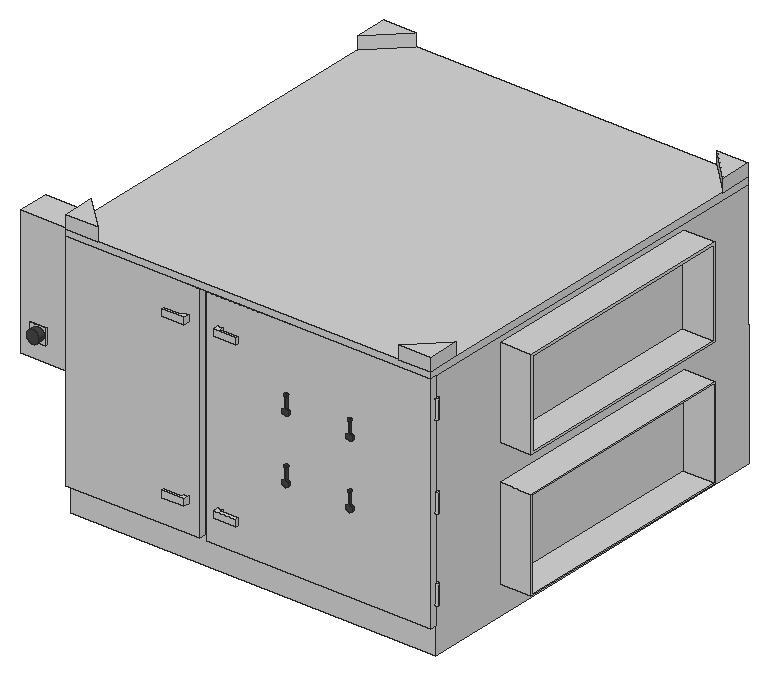
Revit family "HE3XINH_FEB23", category Mechanical Equipment, Revit 2019
Family settings
  Round Connector Dimension = Use Diameter
  Part Type = Normal
  OmniClass Number = 23.75.00.00
  OmniClass Title = Climate Control (HVAC)
  Work Plane-Based = No
  Always vertical = Yes
  Cut with Voids When Loaded = No
  Shared = No
  Room Calculation Point = No
Parameters (values of type "2.0 HP 120V Single Phase")
  Voltage = "120"
  Ventilation Type = "Static Plate, Heat and Humidity Transfer"
  Unit Width = "63-1/4\""
  Unit Weight = "657-934 lbs."
  Unit Length = "72-1/2\""
  Unit Height = "44\""
  Unit = Metal - RenewAire - Anodized - Gray Text
  URL = "www.renewaire.com"
  Typical Airflow Range = "750-3,300 CFM"
  Standard Features = "TEFC Premium efficiency motors, Motor starters, Non-Fused Disconnect, 24VAC Transformer/Relay Package"
  Shipping Weight = "1029 lbs."
  Service Area Visibility = no
  Service Area Box = Interference - RenewAire - Smooth - Light - Gold
  Revit Object Download Link = ""
  Phase = "Single"
  Options = "Integrated programmable controls, Fused disconnect, Double wall construction, Factory supplied and mounted variable frequency drives (VFDs) – one or both airstreams, Class 1 low leakage motorized isolation dampers – OA, RA or both airstreams, Qty. 2 Factory mounted filter alarms, Exterior Paint - white, custom colors, Bypass economizer (see bypass DIM drawing) – dry bulb temperature controls (standard), enthalpy controls (option)"
  Number Motors = "Qty. 2, Belt drive blower/standard motor packages with adjustable sheaves"
  Model = "HE 3XINH"
  Minimum Circuit Amps = "45.0 A"
  Maximum Overcurrent Protection = "60 A"
  Max. Shipping Width = "70\""
  Max. Shipping Length = "80\""
  Max. Shipping Height = "50\""
  Manufacturer = "RenewAire LLC"
  Frequency = "60 HZ"
  FLA per Motor = "20.0"
  Description = "Energy Recovery Ventilator"
  Connector Base Material = Glass - With - Transparency
  Accessories = "Filters - MERV 13, 2\" (shipped loose),Roof curb - standard 14\", Curb wind clip, Engineered combo curb for Carrier RTU, Engineered combo curb for Trane RTU, Digital time clock - wall mount(TC7D-W), in exterior enclosure (TC7D-E), Motion occupancy control - ceiling mount(MC-C), wall mount(MC-W), Carbon dioxide control - wall mount (CO2-W), duct mount(CO2-D), Electric duct heater – EK series (1-60 kW), EH series (61-175kW), Indirect gas-fired duct furnace - GH Series (50-400 MBH), installed downstream of any fans"
  AHRI 1060 Certified Core = "Three L125-G5"
Types (13): name | Voltage | Phase | Minimum Circuit Amps | Maximum Overcurrent Protection | FLA per Motor | Accessories
  (no name) | "120" | "Single" | "45.0 A" | "60 A" | "20.0" | "Filters - MERV 13, 2\" (shipped loose),Roof curb - standard 14\", Curb wind clip, Engineered combo curb for Carrier RTU, Engineered combo curb for Trane RTU, Digital time clock - wall mount(TC7D-W), in exterior enclosure (TC7D-E), Motion occupancy control - ceiling mount(MC-C), wall mount(MC-W), Carbon dioxide control - wall mount (CO2-W), duct mount(CO2-D), Electric duct heater – EK series (1-60 kW), EH series (61-175kW), Indirect gas-fired duct furnace - GH Series (50-400 MBH), installed downstream of any fans"
  2.0 HP 120V Single Phase | "120" | "Single" | "45.0 A" | "60 A" | "20.0" | "Filters - MERV 13, 2\" (shipped loose),Roof curb - standard 14\", Curb wind clip, Engineered combo curb for Carrier RTU, Engineered combo curb for Trane RTU, Digital time clock - wall mount(TC7D-W), in exterior enclosure (TC7D-E), Motion occupancy control - ceiling mount(MC-C), wall mount(MC-W), Carbon dioxide control - wall mount (CO2-W), duct mount(CO2-D), Electric duct heater – EK series (1-60 kW), EH series (61-175kW), Indirect gas-fired duct furnace - GH Series (50-400 MBH), installed downstream of any fans"
  2.0 HP 208-230V Single Phase | "208-230" | "Single" | "24.3 A" | "35 A" | "10.8-10.0" | "Filters - MERV 13, 2\" (shipped loose),Roof curb - standard 14\", Curb wind clip, Engineered combo curb for Carrier RTU, Engineered combo curb for Trane RTU, Digital time clock - wall mount(TC7D-W), in exterior enclosure (TC7D-E), Motion occupancy control - ceiling mount(MC-C), wall mount(MC-W), Carbon dioxide control - wall mount (CO2-W), duct mount(CO2-D), Electric duct heater – EK series (1-60 kW), EH series (61-175kW), Indirect gas-fired duct furnace - GH Series (50-400 MBH), installed downstream of any fans"
  2.0 HP 208-230V Three Phase | "208-230" | "Three" | "14.9 A" | "20 A" | "6.6-5.8" | "Filters - MERV 13, 2\" (shipped loose),Roof curb - standard 14\", Curb wind clip, Engineered combo curb for Carrier RTU, Engineered combo curb for Trane RTU, Digital time clock - wall mount(TC7D-W), in exterior enclosure (TC7D-E), Motion occupancy control - ceiling mount(MC-C), wall mount(MC-W), Carbon dioxide control - wall mount (CO2-W), duct mount(CO2-D), Electric duct heater – EK series (1-60 kW), EH series (61-175kW), Indirect gas-fired duct furnace - GH Series (50-400 MBH), installed downstream of any fans"
  2.0 HP 460V Three Phase | "460" | "Three" | "6.5 A" | "15 A" | "2.9" | "Filters - MERV 13, 2\" (shipped loose),Roof curb - standard 14\", Curb wind clip, Engineered combo curb for Carrier RTU, Engineered combo curb for Trane RTU, Digital time clock - wall mount(TC7D-W), in exterior enclosure (TC7D-E), Motion occupancy control - ceiling mount(MC-C), wall mount(MC-W), Carbon dioxide control - wall mount (CO2-W), duct mount(CO2-D), Electric duct heater – EK series (1-60 kW), EH series (61-175kW), Indirect gas-fired duct furnace - GH Series (50-400 MBH), installed downstream of any fans"
  2.0 HP 575V Three Phase | "575" | "Three" | "5.4 A" | "15 A" | "2.4" | "Filters - MERV 13, 2\" (shipped loose),Roof curb - standard 14\", Curb wind clip, Engineered combo curb for Carrier RTU, Engineered combo curb for Trane RTU, Digital time clock - wall mount(TC7D-W), in exterior enclosure (TC7D-E), Motion occupancy control - ceiling mount(MC-C), wall mount(MC-W), Carbon dioxide control - wall mount (CO2-W), duct mount(CO2-D), Electric duct heater – EK series (1-60 kW), EH series (61-175kW), Indirect gas-fired duct furnace - GH Series (50-400 MBH), installed downstream of any fans"
  3.0 HP 208-230V Single Phase | "208-230" | "Single" | "33.1 A" | "40 A" | "14.7-14" | "Filters - MERV 13, 2\" (shipped loose),Roof curb - standard 14\", Curb wind clip, Engineered combo curb for Carrier RTU, Engineered combo curb for Trane RTU, Digital time clock - wall mount(TC7D-W), in exterior enclosure (TC7D-E), Motion occupancy control - ceiling mount(MC-C), wall mount(MC-W), Carbon dioxide control - wall mount (CO2-W), duct mount(CO2-D), Electric duct heater – EK series (1-60 kW), EH series (61-175kW), Indirect gas-fired duct furnace - GH Series (50-400 MBH), installed downstream of any fans"
  3.0 HP 208-230V Three Phase | "208-230" | "Three" | "21.1 A" | "25 A" | "9.4-8.5" | "Filters - MERV 13, 2\" (shipped loose),Roof curb - standard 14\", Curb wind clip, Engineered combo curb for Carrier RTU, Engineered combo curb for Trane RTU, Digital time clock - wall mount(TC7D-W), in exterior enclosure (TC7D-E), Motion occupancy control - ceiling mount(MC-C), wall mount(MC-W), Carbon dioxide control - wall mount (CO2-W), duct mount(CO2-D), Electric duct heater – EK series (1-60 kW), EH series (61-175kW), Indirect gas-fired duct furnace - GH Series (50-400 MBH), installed downstream of any fans"
  3.0 HP 460V Three Phase | "460" | "Three" | "9.5 A" | "15 A" | "4.2" | "Filters - MERV 13, 2\" (shipped loose),Roof curb - standard 14\", Curb wind clip, Engineered combo curb for Carrier RTU, Engineered combo curb for Trane RTU, Digital time clock - wall mount(TC7D-W), in exterior enclosure (TC7D-E), Motion occupancy control - ceiling mount(MC-C), wall mount(MC-W), Carbon dioxide control - wall mount (CO2-W), duct mount(CO2-D), Electric duct heater – EK series (1-60 kW), EH series (61-175kW), Indirect gas-fired duct furnace - GH Series (50-400 MBH), installed downstream of any fans"
  3.0 HP 575V Three Phase | "575" | "Three" | "7.4 A" | "15 A" | "3.3" | "Filters - MERV 13, 2\" (shipped loose),Roof curb - standard 14\", Curb wind clip, Engineered combo curb for Carrier RTU, Engineered combo curb for Trane RTU, Digital time clock - wall mount(TC7D-W), in exterior enclosure (TC7D-E), Motion occupancy control - ceiling mount(MC-C), wall mount(MC-W), Carbon dioxide control - wall mount (CO2-W), duct mount(CO2-D), Electric duct heater – EK series (1-60 kW), EH series (61-175kW), Indirect gas-fired duct furnace - GH Series (50-400 MBH), installed downstream of any fans"
  5.0 HP 208-230V Three Phase | "208-230" | "Three" | "32.6 A" | "45 A" | "14.5-13.4" | "v"
  5.0 HP 460V Three Phase | "460" | "Three" | "15.1 A" | "20 A" | "6.7" | "Filters - MERV 13, 2\" (shipped loose),Roof curb - standard 14\", Curb wind clip, Engineered combo curb for Carrier RTU, Engineered combo curb for Trane RTU, Digital time clock - wall mount(TC7D-W), in exterior enclosure (TC7D-E), Motion occupancy control - ceiling mount(MC-C), wall mount(MC-W), Carbon dioxide control - wall mount (CO2-W), duct mount(CO2-D), Electric duct heater – EK series (1-60 kW), EH series (61-175kW), Indirect gas-fired duct furnace - GH Series (50-400 MBH), installed downstream of any fans"
  5.0 HP 575V Three Phase | "575" | "Three" | "11.9 A" | "15 A" | "5.3" | "Filters - MERV 13, 2\" (shipped loose),Roof curb - standard 14\", Curb wind clip, Engineered combo curb for Carrier RTU, Engineered combo curb for Trane RTU, Digital time clock - wall mount(TC7D-W), in exterior enclosure (TC7D-E), Motion occupancy control - ceiling mount(MC-C), wall mount(MC-W), Carbon dioxide control - wall mount (CO2-W), duct mount(CO2-D), Electric duct heater – EK series (1-60 kW), EH series (61-175kW), Indirect gas-fired duct furnace - GH Series (50-400 MBH), installed downstream of any fans"
Reference planes (in)
  plane 1 "Center (Front/Back)": y = 0
  plane 2: z = 0
  plane 3 "Center (Left/Right)": x = 0
Forms (in)
  Extrusion 1, solid, material "Metal - RenewAire - Anodized - Gray Text" <- "Unit"
    sketch origin (0, 0, 0) x (1, 0, 0) y (0, 0, 1)
      loop
        line (-28.5625, 0) -> (28.5625, 0) -> (28.5625, 39.25) -> (-28.5625, 39.25) -> (-28.5625, 0)
    from 30.125 to -31.125
  Extrusion 2, solid, material "Metal - RenewAire - Anodized - Gray Text"
    sketch origin (0, 0, 0) x (1, 0, 0) y (0, 0, 1)
      loop
        line (-28.5625, 39.25) -> (28.5625, 39.25) -> (28.5625, 40.25) -> (-28.5625, 40.25) -> (-28.5625, 39.25)
    from 31.125 to -31.125
  Extrusion 3, solid, material "Metal - RenewAire - Anodized - Gray Text"
    sketch origin (0, 0, 0) x (1, 0, 0) y (0, 0, 1)
      loop
        line (-6.4375, 39.25) -> (-6.4375, 4.25) -> (28.5625, 4.25) -> (28.5625, 39.25) -> (-6.4375, 39.25)
      loop
        line (-28.5625, 39.25) -> (-28.5625, 4.25) -> (-7.5625, 4.25) -> (-7.5625, 39.25) -> (-28.5625, 39.25)
    from 31.125 to 30.125
  Extrusion 4, solid, material "Metal - RenewAire - Anodized - Gray Text"
    sketch origin (0, 0, 0) x (1, 0, 0) y (0, 1, 0)
      loop
        circle (-28.8125, -30.125) r 0.25
      loop
        circle (28.8125, -30.125) r 0.25
    from 10.25 to 7.25
  Extrusion 5, solid, material "Metal - RenewAire - Anodized - Gray Text"
    sketch origin (0, 0, 0) x (1, 0, 0) y (0, 1, 0)
      loop
        circle (-28.8125, -30.125) r 0.25
      loop
        circle (28.8125, -30.125) r 0.25
    from 36.25 to 33.25
  Extrusion 6, solid, material "Metal - RenewAire - Anodized - Gray Text"
    sketch origin (0, 0, 0) x (1, 0, 0) y (0, 1, 0)
      loop
        circle (-28.8125, -30.125) r 0.25
      loop
        circle (28.8125, -30.125) r 0.25
    from 23.125 to 20.125
  Extrusion 7, solid, material "Metal - RenewAire - Anodized - Gray Text"
    sketch origin (0, 0, 0) x (1, 0, 0) y (0, 1, 0)
      loop
        line (-4.6875, -31.125) -> (-4.6875, -32) -> (-1.1875, -32) -> (-1.1875, -31.625) -> (-3.9375, -31.625) -> (-3.9375, -31.125) -> (-4.6875, -31.125)
      loop
        line (-9.3125, -31.125) -> (-10.0625, -31.125) -> (-10.0625, -31.625) -> (-12.8125, -31.625) -> (-12.8125, -32) -> (-9.3125, -32) -> (-9.3125, -31.125)
    from 9.5 to 8.5
  Extrusion 8, solid, material "Metal - RenewAire - Anodized - Gray Text"
    sketch origin (0, 0, 0) x (1, 0, 0) y (0, 1, 0)
      loop
        line (-4.6875, -31.125) -> (-4.6875, -32) -> (-1.1875, -32) -> (-1.1875, -31.625) -> (-3.9375, -31.625) -> (-3.9375, -31.125) -> (-4.6875, -31.125)
      loop
        line (-9.3125, -31.125) -> (-10.0625, -31.125) -> (-10.0625, -31.625) -> (-12.8125, -31.625) -> (-12.8125, -32) -> (-9.3125, -32) -> (-9.3125, -31.125)
    from 35 to 34
  Extrusion 9, solid, material "Metal - RenewAire - Anodized - Gray Text"
    sketch origin (0, 0, 0) x (1, 0, 0) y (0, 0, 1)
      loop
        line (-28.5625, 37.5) -> (-38.875, 37.5) -> (-38.875, 17.5) -> (-28.5625, 17.5) -> (-28.5625, 37.5)
    from 27.125 to 22.125
  Extrusion 10, solid, material "Metal - RenewAire - Anodized - Gray Text"
    sketch origin (0, 0, 0) x (1, 0, 0) y (0, 0, 1)
      loop
        line (-37.25, 22.5) -> (-37.25, 20) -> (-34.75, 20) -> (-34.75, 22.5) -> (-37.25, 22.5)
    from 27.25 to 27.125
  Extrusion 11, solid, material "MonitorPorts"
    sketch origin (0, 0, 0) x (1, 0, 0) y (0, 0, 1)
      loop
        circle (-36, 21.25) r 1
    from 28.25 to 27.125
  Extrusion 12, solid, material "Metal - RenewAire - Anodized - Gray Text" <- "Unit"
    sketch origin (0, 0, 0) x (0, 1, 0) y (0, 0, 1)
      loop
        line (18.375, 18.90637) -> (-17.625, 18.90637) -> (-17.625, 4.625) -> (18.375, 4.625) -> (18.375, 18.90637)
      loop
        line (18.25, 18.78137) -> (-17.5, 18.78137) -> (-17.5, 4.75) -> (18.25, 4.75) -> (18.25, 18.78137)
    from 33.5625 to 28.5625
  Extrusion 13, solid, material "Metal - RenewAire - Anodized - Gray Text"
    sketch origin (0, 0, 0) x (0, 1, 0) y (0, 0, 1)
      loop
        line (18.375, 38.5) -> (-17.625, 38.5) -> (-17.625, 24.5) -> (18.375, 24.5) -> (18.375, 38.5)
      loop
        line (18.125, 38.25) -> (-17.375, 38.25) -> (-17.375, 24.75) -> (18.125, 24.75) -> (18.125, 38.25)
    from 33.5625 to 28.5625
  Extrusion 14, solid, material "Metal - RenewAire - Anodized - Gray Text"
    sketch origin (0, 3, 0) x (0, 1, 0) y (0, 0, 1)
      loop
        line (-20.625, 4.25) -> (-4.625, 4.25) -> (-4.625, 16.25) -> (-20.625, 16.25) -> (-20.625, 4.25)
      loop
        line (-4.75, 16.125) -> (-20.5, 16.125) -> (-20.5, 4.375) -> (-4.75, 4.375) -> (-4.75, 16.125)
    from -28.5625 to -32.8125
  Extrusion 15, solid, material "Metal - RenewAire - Anodized - Gray Text"
    sketch origin (0, 3, 0) x (0, 1, 0) y (0, 0, 1)
      loop
        line (-4.625, 33.125) -> (-20.625, 33.125) -> (-20.625, 21.125) -> (-4.625, 21.125) -> (-4.625, 33.125)
      loop
        line (-4.75, 33) -> (-20.5, 33) -> (-20.5, 21.25) -> (-4.75, 21.25) -> (-4.75, 33)
    from -28.5625 to -32.8125
  Extrusion 16, solid, material "Interference - RenewAire - Smooth - Light - Gold" <- "Service Area Box", visible <- "Service Area Visibility"
    sketch origin (0, 0, 0) x (1, 0, 0) y (0, 0, 1)
      loop
        line (28.5625, 40.25) -> (-37.0625, 40.25) -> (-37.0625, 0) -> (28.5625, 0) -> (28.5625, 40.25)
    from 64.875 to 31.125
  Extrusion 17, solid, material "Metal - RenewAire - Anodized - Gray Text" <- "Unit"
    sketch origin (0, 0, 0) x (1, 0, 0) y (0, 1, 0)
      loop
        line (-28.5625, 31.125) -> (-28.5625, 26.125) -> (-23.5625, 31.125) -> (-28.5625, 31.125)
      loop
        line (-28.5625, -31.125) -> (-23.5625, -31.125) -> (-28.5625, -26.125) -> (-28.5625, -31.125)
      loop
        line (28.5625, -31.125) -> (28.5625, -26.125) -> (23.5625, -31.125) -> (28.5625, -31.125)
      loop
        line (28.5625, 31.125) -> (23.5625, 31.125) -> (28.5625, 26.125) -> (28.5625, 31.125)
    from 42.25 to 40.25
Dimensions and locks (in)
  Extrusion 2 to Extrusion 3 sketch curve to Extrusion 3 sketch curve = 1' - 9", 3' - 0 1/8"
  aligned and locked: level to plane 2
Nested families (in)
  nested 1: "Monitoring Port" at (16.0625, -31.125, 19.472) x (-1, 0, 0) z (0, 0, -1), type "Monitoring Port"
  nested 2: "Monitoring Port" at (6.0625, -31.125, 19.472) x (-1, 0, 0) z (0, 0, -1), type "Monitoring Port"
  nested 3: "Monitoring Port" at (16.0625, -31.125, 29.472) x (-1, 0, 0) z (0, 0, -1), type "Monitoring Port"
  nested 4: "Monitoring Port" at (6.0625, -31.125, 29.472) x (-1, 0, 0) z (0, 0, -1), type "Monitoring Port"
Connectors (in)
  hvac at (28.5625, 0.375, 31.5)
    settings: on Extrusion 13, index 1, duct flow 0 CFM, flow factor 0, pres drop 0.00 in-wg, loss coef 0, conn angle 0.00°, conn width 36", conn height 14", conn diameter 24", duct sys type 4, conn prof type 1, flow config 0, flow direction 1, loss method 0, conn ref index -1, conn util no, is conn primary yes, conn desc "OA (Outside Air)"
  hvac at (28.5625, 0.375, 11.76568)
    settings: on Extrusion 12, index 2, duct flow 0 CFM, flow factor 0, pres drop 0.00 in-wg, loss coef 0, conn angle 0.00°, conn width 36", conn height 14", conn diameter 24", duct sys type 2, conn prof type 1, flow config 0, flow direction 1, loss method 0, conn ref index -1, conn util no, is conn primary no, conn desc "RA (Room Air)"
  hvac at (-28.5625, -9.625, 27.125)
    settings: on Extrusion 15, index 4, duct flow 0 CFM, flow factor 0, pres drop 0.00 in-wg, loss coef 0, conn angle 0.00°, conn width 16", conn height 12", conn diameter 24", duct sys type 3, conn prof type 1, flow config 0, flow direction 2, loss method 0, conn ref index -1, conn util no, is conn primary no, conn desc "EA (Exhaust Air)"
  hvac at (-28.5625, -9.625, 10.25)
    settings: on Extrusion 14, index 5, duct flow 0 CFM, flow factor 0, pres drop 0.00 in-wg, loss coef 0, conn angle 0.00°, conn width 16", conn height 12", conn diameter 24", duct sys type 1, conn prof type 1, flow config 0, flow direction 2, loss method 0, conn ref index -1, conn util no, is conn primary no, conn desc "FA (Fresh Air)"
Definition of nested family "Monitoring Port"
  Parameters
    URL = "www.renewaire.com"
    Revit Object Download Link = ""
    Model = ""
    Manufacturer = "RenewAire LLC"
    Description = "Monitoring Ports"
  Reference planes (in)
    plane 1 "Center (Front/Back)": y = 0
    plane 2: z = 0
    plane 3 "Center (Left/Right)": x = 0
  Forms (in)
    Extrusion 1, solid
      sketch origin (-9.43348, 0, 37.76669) x (-1, 0, 0) y (0, 0, -1)
        loop
          line (-9.53348, 35.65895) -> (-9.94097, 35.42369) -> (-9.94097, 34.83769) -> (-9.43348, 34.54469) -> (-8.92599, 34.83769) -> (-8.92599, 35.42369) -> (-9.33348, 35.65895) -> (-9.33348, 37.28756)
          arc (-9.33348, 37.28756) -> (-9.43348, 37.76669) -> (-9.53348, 37.28756) r 0.25
          line (-9.53348, 37.28756) -> (-9.53348, 35.65895)
      from 0 to 0.25
  Dimensions and locks (in)
    aligned and locked: level to plane 2
